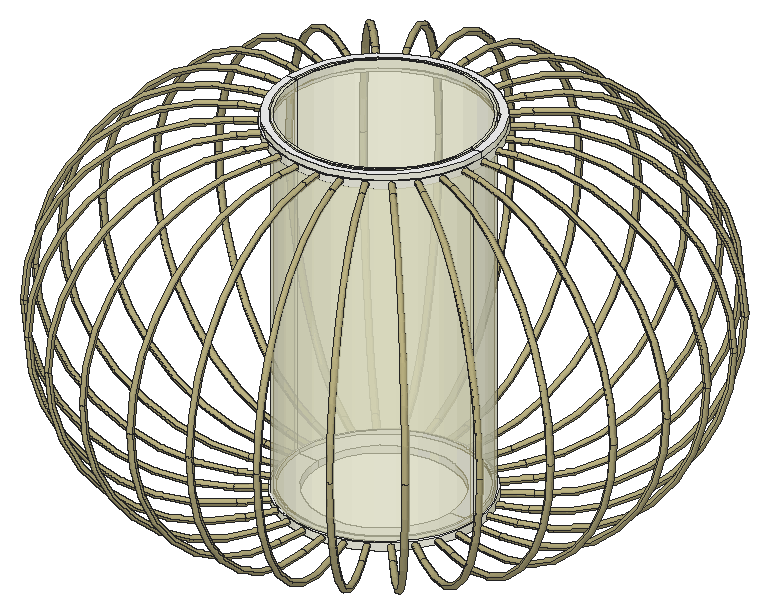
Revit family "WRO", category Lighting Fixtures, Revit 2024
Family settings
  Round Connector Dimension = Use Diameter
  Part Type = Normal
  OmniClass Number = 23.80.70.00
  OmniClass Title = Lighting
  Work Plane-Based = No
  Always vertical = Yes
  Cut with Voids When Loaded = No
  Light Source = No
  Maintain Annotation Orientation = No
  Shared = No
  Room Calculation Point = No
Parameters
  Default Elevation = 0' - 0"
Reference planes (in)
  plane 1 "Light Source Axis (F/B)": y = 0
  plane 2: z = 0
  plane 3 "Light Source Axis (L/R)": x = 0
  plane 4 "Light Source Elevation": z = 54
Forms (in)
  Revolve 1, solid, material "44"
    sketch origin (0, 0, 0) x (1, 0, 0) y (0, 0, 1)
      loop
        line (3.51735, 67.19632) -> (3.51735, 66.8292) -> (3.47139, 66.8292) -> (3.47139, 66.73545) -> (3.81245, 66.73545) -> (3.81245, 66.99632) -> (3.76059, 66.99632) -> (3.76059, 67.19632) -> (3.51735, 67.19632)
      loop
        line (3.5, 54.26087) -> (3.35625, 54.26087) -> (3.35625, 54.39356) -> (3.2912, 54.39356) -> (3.2912, 54.26087) -> (2.5624, 54.26087) -> (2.5624, 54) -> (3.5, 54) -> (3.5, 54.26087)
      axis (0, 54) -> (0, 67.19632)
    angle from 0 to 360
  Revolve 2, solid, material "CYL"
    sketch origin (0, 0, 0) x (1, 0, 0) y (0, 0, 1)
      loop
        line (3.45, 67.19632) -> (3.35625, 67.19632) -> (3.35625, 54.26087) -> (3.45, 54.26087) -> (3.45, 67.19632)
      axis (0, 67.19632) -> (0, 54.26087)
    angle from 0 to 360
  Sweep 3, solid, material "80"
    path origin (0, 0, 0) x (1, 0, 0) y (0, 0, 1)
      loop
        line (3.5, 54.13044) -> (4.5497, 54.13044)
        arc (4.5497, 54.13044) -> (9.05236, 55.9955) -> (10.91742, 60.49816) r 6.36772
        arc (10.91742, 60.49816) -> (9.05236, 65.00082) -> (4.5497, 66.86588) r 6.36772
        line (4.5497, 66.86588) -> (3.81245, 66.86588)
    profile origin (4.18107, 0, 66.86588) x (0, 0, -1) y (0, -1, 0)
      loop
        circle (0, 0) r 0.1
  Sweep 4, solid, material "80"
    path origin (0, 0, 0) x (0.978148, -0.207912, 0) y (0, 0, 1)
      loop
        line (3.5, 54.13044) -> (4.5497, 54.13044)
        arc (4.5497, 54.13044) -> (9.05236, 55.9955) -> (10.91742, 60.49816) r 6.36772
        arc (10.91742, 60.49816) -> (9.05236, 65.00082) -> (4.5497, 66.86588) r 6.36772
        line (4.5497, 66.86588) -> (3.81245, 66.86588)
    profile origin (4.08971, -0.86929, 66.86588) x (0, 0, -1) y (-0.207912, -0.978148, 0)
      loop
        circle (0, 0) r 0.1
  Sweep 5, solid, material "80"
    path origin (0, 0, 0) x (0.978148, 0.207912, 0) y (0, 0, 1)
      loop
        line (3.5, 54.13044) -> (4.5497, 54.13044)
        arc (4.5497, 54.13044) -> (9.05236, 55.9955) -> (10.91742, 60.49816) r 6.36772
        arc (10.91742, 60.49816) -> (9.05236, 65.00082) -> (4.5497, 66.86588) r 6.36772
        line (4.5497, 66.86588) -> (3.81245, 66.86588)
    profile origin (4.08971, 0.86929, 66.86588) x (0, 0, -1) y (0.207912, -0.978148, 0)
      loop
        circle (0, 0) r 0.1
  Sweep 6, solid, material "80"
    path origin (0, 0, 0) x (0.913545, 0.406737, 0) y (0, 0, 1)
      loop
        line (3.5, 54.13044) -> (4.5497, 54.13044)
        arc (4.5497, 54.13044) -> (9.05236, 55.9955) -> (10.91742, 60.49816) r 6.36772
        arc (10.91742, 60.49816) -> (9.05236, 65.00082) -> (4.5497, 66.86588) r 6.36772
        line (4.5497, 66.86588) -> (3.81245, 66.86588)
    profile origin (3.8196, 1.7006, 66.86588) x (0, 0, -1) y (0.406737, -0.913545, 0)
      loop
        circle (0, 0) r 0.1
  Sweep 7, solid, material "80"
    path origin (0, 0, 0) x (0.809017, 0.587785, 0) y (0, 0, 1)
      loop
        line (3.5, 54.13044) -> (4.5497, 54.13044)
        arc (4.5497, 54.13044) -> (9.05236, 55.9955) -> (10.91742, 60.49816) r 6.36772
        arc (10.91742, 60.49816) -> (9.05236, 65.00082) -> (4.5497, 66.86588) r 6.36772
        line (4.5497, 66.86588) -> (3.81245, 66.86588)
    profile origin (3.38256, 2.45757, 66.86588) x (0, 0, -1) y (0.587785, -0.809017, 0)
      loop
        circle (0, 0) r 0.1
  Sweep 8, solid, material "80"
    path origin (0, 0, 0) x (0.669131, 0.743145, 0) y (0, 0, 1)
      loop
        line (3.5, 54.13044) -> (4.5497, 54.13044)
        arc (4.5497, 54.13044) -> (9.05236, 55.9955) -> (10.91742, 60.49816) r 6.36772
        arc (10.91742, 60.49816) -> (9.05236, 65.00082) -> (4.5497, 66.86588) r 6.36772
        line (4.5497, 66.86588) -> (3.81245, 66.86588)
    profile origin (2.79768, 3.10714, 66.86588) x (0, 0, -1) y (0.743145, -0.669131, 0)
      loop
        circle (0, 0) r 0.1
  Sweep 9, solid, material "80"
    path origin (0, 0, 0) x (0.5, 0.866025, 0) y (0, 0, 1)
      loop
        line (3.5, 54.13044) -> (4.5497, 54.13044)
        arc (4.5497, 54.13044) -> (9.05236, 55.9955) -> (10.91742, 60.49816) r 6.36772
        arc (10.91742, 60.49816) -> (9.05236, 65.00082) -> (4.5497, 66.86588) r 6.36772
        line (4.5497, 66.86588) -> (3.81245, 66.86588)
    profile origin (2.09054, 3.62092, 66.86588) x (0, 0, -1) y (0.866025, -0.5, 0)
      loop
        circle (0, 0) r 0.1
  Sweep 10, solid, material "80"
    path origin (0, 0, 0) x (0.309017, 0.951057, 0) y (0, 0, 1)
      loop
        line (3.5, 54.13044) -> (4.5497, 54.13044)
        arc (4.5497, 54.13044) -> (9.05236, 55.9955) -> (10.91742, 60.49816) r 6.36772
        arc (10.91742, 60.49816) -> (9.05236, 65.00082) -> (4.5497, 66.86588) r 6.36772
        line (4.5497, 66.86588) -> (3.81245, 66.86588)
    profile origin (1.29202, 3.97644, 66.86588) x (0, 0, -1) y (0.951057, -0.309017, 0)
      loop
        circle (0, 0) r 0.1
  Sweep 11, solid, material "80"
    path origin (0, 0, 0) x (0.104528, 0.994522, 0) y (0, 0, 1)
      loop
        line (3.5, 54.13044) -> (4.5497, 54.13044)
        arc (4.5497, 54.13044) -> (9.05236, 55.9955) -> (10.91742, 60.49816) r 6.36772
        arc (10.91742, 60.49816) -> (9.05236, 65.00082) -> (4.5497, 66.86588) r 6.36772
        line (4.5497, 66.86588) -> (3.81245, 66.86588)
    profile origin (0.43704, 4.15817, 66.86588) x (0, 0, -1) y (0.994522, -0.104528, 0)
      loop
        circle (0, 0) r 0.1
  Sweep 12, solid, material "80"
    path origin (0, 0, 0) x (-0.104528, 0.994522, 0) y (0, 0, 1)
      loop
        line (3.5, 54.13044) -> (4.5497, 54.13044)
        arc (4.5497, 54.13044) -> (9.05236, 55.9955) -> (10.91742, 60.49816) r 6.36772
        arc (10.91742, 60.49816) -> (9.05236, 65.00082) -> (4.5497, 66.86588) r 6.36772
        line (4.5497, 66.86588) -> (3.81245, 66.86588)
    profile origin (-0.43704, 4.15817, 66.86588) x (0, 0, -1) y (0.994522, 0.104528, 0)
      loop
        circle (0, 0) r 0.1
  Sweep 13, solid, material "80"
    path origin (0, 0, 0) x (-0.309017, 0.951057, 0) y (0, 0, 1)
      loop
        line (3.5, 54.13044) -> (4.5497, 54.13044)
        arc (4.5497, 54.13044) -> (9.05236, 55.9955) -> (10.91742, 60.49816) r 6.36772
        arc (10.91742, 60.49816) -> (9.05236, 65.00082) -> (4.5497, 66.86588) r 6.36772
        line (4.5497, 66.86588) -> (3.81245, 66.86588)
    profile origin (-1.29202, 3.97644, 66.86588) x (0, 0, -1) y (0.951057, 0.309017, 0)
      loop
        circle (0, 0) r 0.1
  Sweep 14, solid, material "80"
    path origin (0, 0, 0) x (-0.5, 0.866025, 0) y (0, 0, 1)
      loop
        line (3.5, 54.13044) -> (4.5497, 54.13044)
        arc (4.5497, 54.13044) -> (9.05236, 55.9955) -> (10.91742, 60.49816) r 6.36772
        arc (10.91742, 60.49816) -> (9.05236, 65.00082) -> (4.5497, 66.86588) r 6.36772
        line (4.5497, 66.86588) -> (3.81245, 66.86588)
    profile origin (-2.09054, 3.62092, 66.86588) x (0, 0, -1) y (0.866025, 0.5, 0)
      loop
        circle (0, 0) r 0.1
  Sweep 15, solid, material "80"
    path origin (0, 0, 0) x (-0.669131, 0.743145, 0) y (0, 0, 1)
      loop
        line (3.5, 54.13044) -> (4.5497, 54.13044)
        arc (4.5497, 54.13044) -> (9.05236, 55.9955) -> (10.91742, 60.49816) r 6.36772
        arc (10.91742, 60.49816) -> (9.05236, 65.00082) -> (4.5497, 66.86588) r 6.36772
        line (4.5497, 66.86588) -> (3.81245, 66.86588)
    profile origin (-2.79768, 3.10714, 66.86588) x (0, 0, -1) y (0.743145, 0.669131, 0)
      loop
        circle (0, 0) r 0.1
  Sweep 16, solid, material "80"
    path origin (0, 0, 0) x (-0.809017, 0.587785, 0) y (0, 0, 1)
      loop
        line (3.5, 54.13044) -> (4.5497, 54.13044)
        arc (4.5497, 54.13044) -> (9.05236, 55.9955) -> (10.91742, 60.49816) r 6.36772
        arc (10.91742, 60.49816) -> (9.05236, 65.00082) -> (4.5497, 66.86588) r 6.36772
        line (4.5497, 66.86588) -> (3.81245, 66.86588)
    profile origin (-3.38256, 2.45757, 66.86588) x (0, 0, -1) y (0.587785, 0.809017, 0)
      loop
        circle (0, 0) r 0.1
  Sweep 17, solid, material "80"
    path origin (0, 0, 0) x (-0.913545, 0.406737, 0) y (0, 0, 1)
      loop
        line (3.5, 54.13044) -> (4.5497, 54.13044)
        arc (4.5497, 54.13044) -> (9.05236, 55.9955) -> (10.91742, 60.49816) r 6.36772
        arc (10.91742, 60.49816) -> (9.05236, 65.00082) -> (4.5497, 66.86588) r 6.36772
        line (4.5497, 66.86588) -> (3.81245, 66.86588)
    profile origin (-3.8196, 1.7006, 66.86588) x (0, 0, -1) y (0.406737, 0.913545, 0)
      loop
        circle (0, 0) r 0.1
  Sweep 18, solid, material "80"
    path origin (0, 0, 0) x (-0.978148, 0.207912, 0) y (0, 0, 1)
      loop
        line (3.5, 54.13044) -> (4.5497, 54.13044)
        arc (4.5497, 54.13044) -> (9.05236, 55.9955) -> (10.91742, 60.49816) r 6.36772
        arc (10.91742, 60.49816) -> (9.05236, 65.00082) -> (4.5497, 66.86588) r 6.36772
        line (4.5497, 66.86588) -> (3.81245, 66.86588)
    profile origin (-4.08971, 0.86929, 66.86588) x (0, 0, -1) y (0.207912, 0.978148, 0)
      loop
        circle (0, 0) r 0.1
  Sweep 19, solid, material "80"
    path origin (0, 0, 0) x (-1, 0, 0) y (0, 0, 1)
      loop
        line (3.5, 54.13044) -> (4.5497, 54.13044)
        arc (4.5497, 54.13044) -> (9.05236, 55.9955) -> (10.91742, 60.49816) r 6.36772
        arc (10.91742, 60.49816) -> (9.05236, 65.00082) -> (4.5497, 66.86588) r 6.36772
        line (4.5497, 66.86588) -> (3.81245, 66.86588)
    profile origin (-4.18107, 0, 66.86588) x (0, 0, -1) y (0, 1, 0)
      loop
        circle (0, 0) r 0.1
  Sweep 20, solid, material "80"
    path origin (0, 0, 0) x (-0.978148, -0.207912, 0) y (0, 0, 1)
      loop
        line (3.5, 54.13044) -> (4.5497, 54.13044)
        arc (4.5497, 54.13044) -> (9.05236, 55.9955) -> (10.91742, 60.49816) r 6.36772
        arc (10.91742, 60.49816) -> (9.05236, 65.00082) -> (4.5497, 66.86588) r 6.36772
        line (4.5497, 66.86588) -> (3.81245, 66.86588)
    profile origin (-4.08971, -0.86929, 66.86588) x (0, 0, -1) y (-0.207912, 0.978148, 0)
      loop
        circle (0, 0) r 0.1
  Sweep 21, solid, material "80"
    path origin (0, 0, 0) x (-0.913545, -0.406737, 0) y (0, 0, 1)
      loop
        line (3.5, 54.13044) -> (4.5497, 54.13044)
        arc (4.5497, 54.13044) -> (9.05236, 55.9955) -> (10.91742, 60.49816) r 6.36772
        arc (10.91742, 60.49816) -> (9.05236, 65.00082) -> (4.5497, 66.86588) r 6.36772
        line (4.5497, 66.86588) -> (3.81245, 66.86588)
    profile origin (-3.8196, -1.7006, 66.86588) x (0, 0, -1) y (-0.406737, 0.913545, 0)
      loop
        circle (0, 0) r 0.1
  Sweep 22, solid, material "80"
    path origin (0, 0, 0) x (-0.809017, -0.587785, 0) y (0, 0, 1)
      loop
        line (3.5, 54.13044) -> (4.5497, 54.13044)
        arc (4.5497, 54.13044) -> (9.05236, 55.9955) -> (10.91742, 60.49816) r 6.36772
        arc (10.91742, 60.49816) -> (9.05236, 65.00082) -> (4.5497, 66.86588) r 6.36772
        line (4.5497, 66.86588) -> (3.81245, 66.86588)
    profile origin (-3.38256, -2.45757, 66.86588) x (0, 0, -1) y (-0.587785, 0.809017, 0)
      loop
        circle (0, 0) r 0.1
  Sweep 23, solid, material "80"
    path origin (0, 0, 0) x (-0.669131, -0.743145, 0) y (0, 0, 1)
      loop
        line (3.5, 54.13044) -> (4.5497, 54.13044)
        arc (4.5497, 54.13044) -> (9.05236, 55.9955) -> (10.91742, 60.49816) r 6.36772
        arc (10.91742, 60.49816) -> (9.05236, 65.00082) -> (4.5497, 66.86588) r 6.36772
        line (4.5497, 66.86588) -> (3.81245, 66.86588)
    profile origin (-2.79768, -3.10714, 66.86588) x (0, 0, -1) y (-0.743145, 0.669131, 0)
      loop
        circle (0, 0) r 0.1
  Sweep 24, solid, material "80"
    path origin (0, 0, 0) x (-0.5, -0.866025, 0) y (0, 0, 1)
      loop
        line (3.5, 54.13044) -> (4.5497, 54.13044)
        arc (4.5497, 54.13044) -> (9.05236, 55.9955) -> (10.91742, 60.49816) r 6.36772
        arc (10.91742, 60.49816) -> (9.05236, 65.00082) -> (4.5497, 66.86588) r 6.36772
        line (4.5497, 66.86588) -> (3.81245, 66.86588)
    profile origin (-2.09054, -3.62092, 66.86588) x (0, 0, -1) y (-0.866025, 0.5, 0)
      loop
        circle (0, 0) r 0.1
  Sweep 25, solid, material "80"
    path origin (0, 0, 0) x (-0.309017, -0.951057, 0) y (0, 0, 1)
      loop
        line (3.5, 54.13044) -> (4.5497, 54.13044)
        arc (4.5497, 54.13044) -> (9.05236, 55.9955) -> (10.91742, 60.49816) r 6.36772
        arc (10.91742, 60.49816) -> (9.05236, 65.00082) -> (4.5497, 66.86588) r 6.36772
        line (4.5497, 66.86588) -> (3.81245, 66.86588)
    profile origin (-1.29202, -3.97644, 66.86588) x (0, 0, -1) y (-0.951057, 0.309017, 0)
      loop
        circle (0, 0) r 0.1
  Sweep 26, solid, material "80"
    path origin (0, 0, 0) x (-0.104528, -0.994522, 0) y (0, 0, 1)
      loop
        line (3.5, 54.13044) -> (4.5497, 54.13044)
        arc (4.5497, 54.13044) -> (9.05236, 55.9955) -> (10.91742, 60.49816) r 6.36772
        arc (10.91742, 60.49816) -> (9.05236, 65.00082) -> (4.5497, 66.86588) r 6.36772
        line (4.5497, 66.86588) -> (3.81245, 66.86588)
    profile origin (-0.43704, -4.15817, 66.86588) x (0, 0, -1) y (-0.994522, 0.104528, 0)
      loop
        circle (0, 0) r 0.1
  Sweep 27, solid, material "80"
    path origin (0, 0, 0) x (0.104528, -0.994522, 0) y (0, 0, 1)
      loop
        line (3.5, 54.13044) -> (4.5497, 54.13044)
        arc (4.5497, 54.13044) -> (9.05236, 55.9955) -> (10.91742, 60.49816) r 6.36772
        arc (10.91742, 60.49816) -> (9.05236, 65.00082) -> (4.5497, 66.86588) r 6.36772
        line (4.5497, 66.86588) -> (3.81245, 66.86588)
    profile origin (0.43704, -4.15817, 66.86588) x (0, 0, -1) y (-0.994522, -0.104528, 0)
      loop
        circle (0, 0) r 0.1
  Sweep 28, solid, material "80"
    path origin (0, 0, 0) x (0.309017, -0.951057, 0) y (0, 0, 1)
      loop
        line (3.5, 54.13044) -> (4.5497, 54.13044)
        arc (4.5497, 54.13044) -> (9.05236, 55.9955) -> (10.91742, 60.49816) r 6.36772
        arc (10.91742, 60.49816) -> (9.05236, 65.00082) -> (4.5497, 66.86588) r 6.36772
        line (4.5497, 66.86588) -> (3.81245, 66.86588)
    profile origin (1.29202, -3.97644, 66.86588) x (0, 0, -1) y (-0.951057, -0.309017, 0)
      loop
        circle (0, 0) r 0.1
  Sweep 29, solid, material "80"
    path origin (0, 0, 0) x (0.5, -0.866025, 0) y (0, 0, 1)
      loop
        line (3.5, 54.13044) -> (4.5497, 54.13044)
        arc (4.5497, 54.13044) -> (9.05236, 55.9955) -> (10.91742, 60.49816) r 6.36772
        arc (10.91742, 60.49816) -> (9.05236, 65.00082) -> (4.5497, 66.86588) r 6.36772
        line (4.5497, 66.86588) -> (3.81245, 66.86588)
    profile origin (2.09054, -3.62092, 66.86588) x (0, 0, -1) y (-0.866025, -0.5, 0)
      loop
        circle (0, 0) r 0.1
  Sweep 30, solid, material "80"
    path origin (0, 0, 0) x (0.669131, -0.743145, 0) y (0, 0, 1)
      loop
        line (3.5, 54.13044) -> (4.5497, 54.13044)
        arc (4.5497, 54.13044) -> (9.05236, 55.9955) -> (10.91742, 60.49816) r 6.36772
        arc (10.91742, 60.49816) -> (9.05236, 65.00082) -> (4.5497, 66.86588) r 6.36772
        line (4.5497, 66.86588) -> (3.81245, 66.86588)
    profile origin (2.79768, -3.10714, 66.86588) x (0, 0, -1) y (-0.743145, -0.669131, 0)
      loop
        circle (0, 0) r 0.1
  Sweep 31, solid, material "80"
    path origin (0, 0, 0) x (0.809017, -0.587785, 0) y (0, 0, 1)
      loop
        line (3.5, 54.13044) -> (4.5497, 54.13044)
        arc (4.5497, 54.13044) -> (9.05236, 55.9955) -> (10.91742, 60.49816) r 6.36772
        arc (10.91742, 60.49816) -> (9.05236, 65.00082) -> (4.5497, 66.86588) r 6.36772
        line (4.5497, 66.86588) -> (3.81245, 66.86588)
    profile origin (3.38256, -2.45757, 66.86588) x (0, 0, -1) y (-0.587785, -0.809017, 0)
      loop
        circle (0, 0) r 0.1
  Sweep 32, solid, material "80"
    path origin (0, 0, 0) x (0.913545, -0.406737, 0) y (0, 0, 1)
      loop
        line (3.5, 54.13044) -> (4.5497, 54.13044)
        arc (4.5497, 54.13044) -> (9.05236, 55.9955) -> (10.91742, 60.49816) r 6.36772
        arc (10.91742, 60.49816) -> (9.05236, 65.00082) -> (4.5497, 66.86588) r 6.36772
        line (4.5497, 66.86588) -> (3.81245, 66.86588)
    profile origin (3.8196, -1.7006, 66.86588) x (0, 0, -1) y (-0.406737, -0.913545, 0)
      loop
        circle (0, 0) r 0.1
Dimensions and locks (in)
  aligned and locked: level to plane 2
